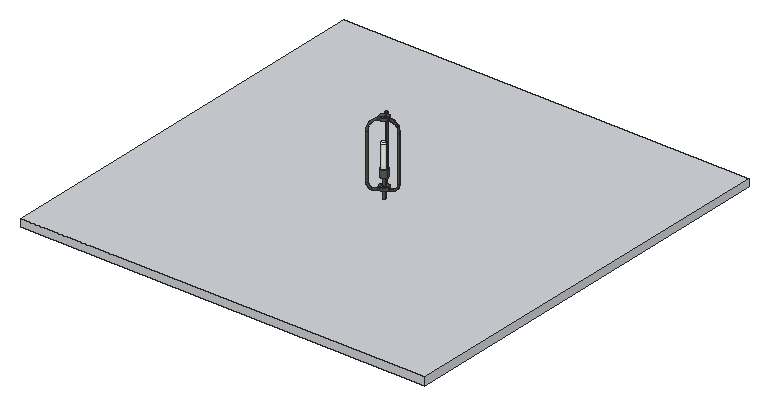
Revit family "P500223-031", category Lighting Fixtures, host Face, Revit 2014
Parameters (values of type "P500223-031")
  Watts = 60 W
  Wattage Comments = "60W"
  Wattage = 60 W
  Warranty = "5 years Warranty"  # constant formula
  built-in parameter 1150110 = 1 (stored number, unit not read)
  Voltage = 120 V
  URL = "https://www.hubbell.com/progresslighting/en"
  built-in parameter 1114217 = 1 (stored number, unit not read)
  Tilt Angle = 60.00°
  built-in parameter 1150109 = 1 (stored number, unit not read)
  built-in parameter 1150134 = 3
  built-in parameter 1150113 = 1 (stored number, unit not read)
  Product Link = "https://www.hubbell.com/progresslighting/en/Products/Lighting-Controls/Residential-Indoor-Lighting/New-Indoor-Products/Bonn-Collection-One-Light-Black-Mini-Pendant/p/3980756"
  Product Documentation Link = "https://hubbellcdn.com/specsheet/PROG_P500223-031_spec.pdf"
  Power Factor = 1
  Photometric Web File = "generic"
  built-in parameter 1150142 = (empty or 0)
  Model = "P500223-031"  # constant formula
  Manufacturer = "Progress Lighting"  # constant formula
  built-in parameter 1150105 = 477.46 (stored number, unit not read)
  Lumens = 6000 lm
  built-in parameter 1150115 = 1 (stored number, unit not read)
  Load Classification = Lighting
  built-in parameter 1150137 = (empty or 0)
  built-in parameter 1150139 = (empty or 0)
  built-in parameter 1150112 = 1 (stored number, unit not read)
  built-in parameter 1150114 = 1 (stored number, unit not read)
  built-in parameter 1150132 = (empty or 0)
  built-in parameter 1150102 = (empty or 0)
  built-in parameter 1150107 = 3200 (stored number, unit not read)
  built-in parameter 1150138 = (empty or 0)
  built-in parameter 1150106 = 4.7746 (stored number, unit not read)
  built-in parameter 1150104 = 9.2903 (stored number, unit not read)
  Dimming Lamp Color Temperature Shift = <None>
  Diameter = 7"
  Lamp = "A-19"
  Housing Material = Paint - Hubbell - Metallic Bronze Textured
  Glass = Hubbell - Glass
  Fixture distribution = "Direct"  # constant formula
  Specifications = "From the bottom of the sleek center column, a light base appears to gracefully drip down and provides an extra touch of refined visual interest.\r\nSmooth metal bars curve to form a simple, open-cage design.\r\nThe mini-pendant is coated in a beautiful matte black finish for a classic look.\r\nIdeal for any foyer, dining room, or kitchen.\r\nA great vintage choice for urban industrial, vintage, electric, farmhouse, and rustic interiors.\r\nMeasures 7-inch width by 14-7/8-inch height.\r\nUses one medium base bulb or vintage T10 bulb that is sold separately (60w max - LED or incandescent).\r\nAble to be fully dimmable with dimmable bulbs.\r\nIncludes installation instructions and mounting hardware.\r\nProgress Lighting products are designed for exceptional quality, reliability, and functionality."  # constant formula
  Height = 14 7/8"
  Description = "The Bonn Collection One-Light Black Mini-Pendant personifies an industrial vintage vibe sure to create an unforgettable lighting experience. Smooth metal bars coated in a beautiful matte black finish curve to form a simple, open-cage light fixture. From the bottom of the sleek center stem, a single light base appears to drop and gives an extra touch of refined visual interest."  # constant formula
  Default Elevation = 48"
  Copyright = " ©2020 Progress Lighting, a division of Hubbell Lighting, Inc"  # constant formula
  Contact = "https://www.hubbell.com/progresslighting/en/contactUs"
  Connector Description = "Lighting Connector"  # constant formula
  Color Filter = 16777215
  built-in parameter 1114218 = 1 (stored number, unit not read)
  built-in parameter 1150133 = 10 (stored number, unit not read)
  Assembly Code = "D5020200"
  Apparent Load = Watts / Power Factor  # 60 VA
Reference planes (in)
  plane 1 "Center (Front/Back)": y = 0
  plane 2: z = 0.5561
  plane 3 "Center (Left/Right)": x = 0
  plane 4: x = -3.5
  plane 5: x = 3.5
  plane 6: y = 3.5
  plane 7: y = -3.5
  plane 8: z = 15.4311
Forms (in)
  Extrusion 1, solid
    sketch origin (0, 0, 0) x (1, 0, 0) y (0, 1, 0)
      loop
        line (-48, 48) -> (-48, -48) -> (48, -48) -> (48, 48) -> (-48, 48)
    from 0.5561 to -1.25
  Revolve 2, solid, material "Paint - Hubbell - White Texture"
    sketch origin (0, 0, 0) x (1, 0, 0) y (0, 0, 1)
      loop
        line (0, 2.24546) -> (0.20413, 2.24546) -> (0.20413, 2.4936) -> (0, 2.4936) -> (0, 2.24546)
      axis (0, 2.4936) -> (0, 2.24546)
    angle from 0 to 360
  Revolve 3, solid, material "Paint - Hubbell - Metallic Bronze Textured" <- "Housing Material"
    sketch origin (0, 0, 0) x (1, 0, 0) y (0, 0, 1)
      loop
        line (0, 0.5561) -> (0.25, 0.5561) -> (0.25, 2.6811) -> (1, 2.6811) -> (1, 3.26734) -> (0.28972, 3.26734) -> (0.28972, 3.29862) -> (0.25673, 3.29862) -> (0.25673, 5.29862) -> (0.33201, 5.37391) -> (0.83201, 5.37391) -> (0.83201, 6.87391) -> (0, 6.87391) -> (0, 3.26734) -> (0, 0.5561)
      axis (0, 6.87391) -> (0, 0.5561)
    angle from 0 to 360
  Revolve 4, solid, material "Hubbell - Glass" <- "Glass"
    sketch origin (0, 0, 0) x (1, 0, 0) y (0, 0, 1)
      loop
        line (0, 6.88554) -> (0.63664, 6.88554)
        arc (0.63664, 6.88554) -> (0.67654, 6.93698) -> (0.69074, 7.00052) r 0.14922
        line (0.69074, 7.00052) -> (0.69074, 12.29179)
        arc (0.69074, 12.29179) -> (0.63839, 12.4974) -> (0.49408, 12.65294) r 0.42993
        arc (0.49408, 12.65294) -> (0.25721, 12.77032) -> (0, 12.83142) r 1.16785
        line (0, 12.83142) -> (0, 6.88554)
      axis (0, 12.83142) -> (0, 6.88554)
    angle from 0 to 360
  Sweep 5, solid, material "Paint - Hubbell - Metallic Bronze Textured" <- "Housing Material"
    path origin (0, 0, 0) x (1, 0, 0) y (0, 0, 1)
      loop
        line (0.97111, 2.96401) -> (1.5, 2.96401)
        arc (1.5, 2.96401) -> (2.91421, 3.5498) -> (3.5, 4.96401) r 2
        line (3.5, 4.96401) -> (3.5, 15.83901)
        arc (3.5, 15.83901) -> (2.91421, 17.25323) -> (1.5, 17.83901) r 2
        line (1.5, 17.83901) -> (0, 17.83901)
    profile origin (1.23555, 0, 2.96401) x (0, 0, 1) y (0, -1, 0)
      loop
        circle (0, 0) r 0.16667
  Sweep 6, solid, material "Paint - Hubbell - Metallic Bronze Textured" <- "Housing Material"
    path origin (0, 0, 0) x (-0.5, 0.866025, 0) y (0, 0, 1)
      loop
        line (0.97111, 2.96401) -> (1.5, 2.96401)
        arc (1.5, 2.96401) -> (2.91421, 3.5498) -> (3.5, 4.96401) r 2
        line (3.5, 4.96401) -> (3.5, 15.83901)
        arc (3.5, 15.83901) -> (2.91421, 17.25323) -> (1.5, 17.83901) r 2
        line (1.5, 17.83901) -> (0, 17.83901)
    profile origin (-0.61778, 1.07002, 2.96401) x (0, 0, 1) y (0.866025, 0.5, 0)
      loop
        circle (0, 0) r 0.16667
  Sweep 7, solid, material "Paint - Hubbell - Metallic Bronze Textured" <- "Housing Material"
    path origin (0, 0, 0) x (-0.5, -0.866025, 0) y (0, 0, 1)
      loop
        line (0.97111, 2.96401) -> (1.5, 2.96401)
        arc (1.5, 2.96401) -> (2.91421, 3.5498) -> (3.5, 4.96401) r 2
        line (3.5, 4.96401) -> (3.5, 15.83901)
        arc (3.5, 15.83901) -> (2.91421, 17.25323) -> (1.5, 17.83901) r 2
        line (1.5, 17.83901) -> (0, 17.83901)
    profile origin (-0.61778, -1.07002, 2.96401) x (0, 0, 1) y (-0.866025, 0.5, 0)
      loop
        circle (0, 0) r 0.16667
  Extrusion 8, solid, material "Paint - Hubbell - Metallic Bronze Textured" <- "Housing Material"
    sketch origin (0, 0, 0) x (1, 0, 0) y (0, 1, 0)
      loop
        circle (0, 0) r 1
    from 17.58552 to 18.10426
Dimensions and locks (in)
  "Diameter": plane 4 to plane 5
  "Diameter": plane 7 to plane 6
  equal spacing: plane 7, plane 1 "Center (Front/Back)", plane 6
  equal spacing: plane 4, plane 3 "Center (Left/Right)", plane 5
  "Height": plane 8 to Extrusion 1
  plane 8 to plane 2 = 14 7/8"  (x2)
  aligned and locked: plane 2 to Extrusion 1
Automatic sketch dimensions
  Extrusion 1 sketch curve to Extrusion 1 sketch curve = 96"  (x2)
  Revolve 2 sketch curve to plane 3 "Center (Left/Right)" = 0"  (x2)
  Revolve 2 sketch curve to Revolve 2 sketch curve = 0.20413"
  plane 2 to Revolve 2 sketch curve = 1.68936"
  Revolve 2 sketch curve to level = 24"
  Revolve 2 sketch curve to Revolve 2 sketch curve = 3.52557"
  Revolve 2 sketch curve to Revolve 2 sketch curve = 0.24814"
  Revolve 3 sketch curve to plane 3 "Center (Left/Right)" = 0"  (x2)
  Revolve 3 sketch curve to plane 2 = 0"
  plane 3 "Center (Left/Right)" to Revolve 3 sketch curve = 1/4"
  plane 3 "Center (Left/Right)" to Revolve 3 sketch curve = 0.25673"
  Revolve 3 sketch curve to Revolve 3 sketch curve = 0.07528"  (x2)
  Revolve 3 sketch curve to Revolve 3 sketch curve = 1/2"
  Revolve 3 sketch curve to Revolve 3 sketch curve = 0.71028"
  Revolve 3 sketch curve to Revolve 3 sketch curve = 2 1/8"
  Revolve 3 sketch curve to Revolve 3 sketch curve = 0.58624"
  Revolve 3 sketch curve to Revolve 3 sketch curve = 0.03128"
  Revolve 3 sketch curve to Revolve 3 sketch curve = 2"
  Revolve 3 sketch curve to Revolve 3 sketch curve = 1 1/2"
  Revolve 3 sketch curve to Revolve 3 sketch curve = 0.033"
  Revolve 3 sketch curve to level = 24"
  Revolve 3 sketch curve to Revolve 3 sketch curve = 0"
  Revolve 3 sketch curve to Revolve 3 sketch curve = 0.64526"
  Revolve 4 sketch curve to plane 3 "Center (Left/Right)" = 0"  (x2)
  Revolve 4 sketch curve to plane 3 "Center (Left/Right)" = 0.13956"
  plane 3 "Center (Left/Right)" to Revolve 4 sketch curve = 0.26081"
  plane 3 "Center (Left/Right)" to Revolve 4 sketch curve = 0.54153"
  Revolve 4 sketch curve to Revolve 4 sketch curve = 0.09511"
  Revolve 4 sketch curve to Revolve 4 sketch curve = 0.05411"
  plane 2 to Revolve 4 sketch curve = 6.32944"
  Revolve 4 sketch curve to plane 8 = 3.75917"
  Revolve 4 sketch curve to Revolve 4 sketch curve = 0.19666"
  Revolve 4 sketch curve to Revolve 4 sketch curve = 0"
  Revolve 4 sketch curve to Revolve 4 sketch curve = 0.86637"
  Revolve 4 sketch curve to level = 24"
  Sweep 5 sketch curve to plane 3 "Center (Left/Right)" = 0"
  Sweep 5 sketch curve to plane 5 = 0"
  plane 3 "Center (Left/Right)" to Sweep 5 sketch curve = 1 1/2"  (x2)
  plane 2 to Sweep 5 sketch curve = 2.40791"
  plane 8 to Sweep 5 sketch curve = 0.40791"
  Sweep 5 sketch curve to Sweep 5 sketch curve = 0.52889"
  Sweep 5 sketch curve to plane 1 "Center (Front/Back)" = 0"
  profile plane to Sweep 5 sketch curve = 0"
  plane 8 to Sweep 6 sketch curve = 2.40791"
  plane 2 to Sweep 6 sketch curve = 2.40791"
  Sweep 6 sketch curve to Sweep 6 sketch curve = 0"
  Sweep 6 sketch curve to Sweep 6 sketch curve = 2"
  Sweep 6 sketch curve to Sweep 6 sketch curve = 0.52889"
  Sweep 6 sketch curve to Sweep 6 sketch curve = 1 1/2"
  Sweep 6 sketch curve to profile plane = 0"  (x2)
  plane 8 to Sweep 7 sketch curve = 2.40791"
  plane 2 to Sweep 7 sketch curve = 2.40791"
  Sweep 7 sketch curve to Sweep 7 sketch curve = 0"
  Sweep 7 sketch curve to Sweep 7 sketch curve = 2"
  Sweep 7 sketch curve to Sweep 7 sketch curve = 0.52889"
  Sweep 7 sketch curve to Sweep 7 sketch curve = 1 1/2"
  profile plane to Sweep 7 sketch curve = 0"
  Sweep 7 sketch curve to profile plane = 0"
  plane 1 "Center (Front/Back)" to Extrusion 8 sketch curve = 0"
  Extrusion 8 sketch curve to plane 3 "Center (Left/Right)" = 0"
  radius of Sweep 5 sketch curve = 0.16667"
  radius of Sweep 6 sketch curve = 0.16667"
  radius of Sweep 7 sketch curve = 0.16667"
  radius of Extrusion 8 sketch curve = 1"
Connectors (in)
  electrical at (0, 0, 0.5561), driven by "Voltage", driven by "Apparent Load"
    settings: on Revolve 3, index 1, voltage 120 V, apparent load 60 VA, apparent load phase1 0 VA, apparent load phase2 0 VA, apparent load phase3 0 VA, power factor 1, load classification "Other", number of poles 1, system type 30, power factor state 1, is connector primary yes, connector utility no, sub classification motor no, connector description ""
